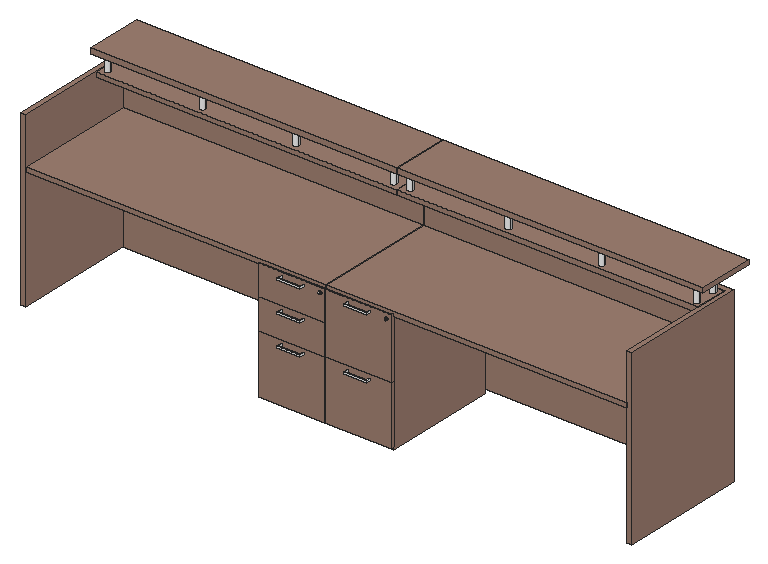
Revit family "T100120", category Furniture, Revit 2022
Family settings
  OmniClass Number = 23.40.20.00
  OmniClass Title = General Furniture and Specialties
  Work Plane-Based = No
  Always vertical = Yes
  Cut with Voids When Loaded = No
  Render Appearance Source = Family Geometry
  Shared = No
  Room Calculation Point = No
Parameters
  Default Elevation = 0' - 0"
Reference planes (in)
  plane 1 "Center Front/Back": y = 0
  plane 2: z = 0
  plane 3 "Center Left/Right": x = 0
Dimensions and locks (in)
  aligned and locked: level to plane 2
Nested families (in)
  nested 1: "OFS ELEMENT DOUBLE DESK 144in" at (0, 17, 0), type "ELEMENT DOUBLE DESK 144in"
    with Desk Overlay Option yes
  nested 2: "OFS ELEMENT DESK PEDESTAL" at (-7.8125, 27, 0), type "ELEMENT DESK PEDESTAL BOX/BOX/FILE RETURN"
  nested 3: "OFS ELEMENT DESK PEDESTAL" at (7.8125, 27, 0), type "ELEMENT DESK PEDESTAL FILE/FILE RETURN"
Definition of nested family "OFS ELEMENT DOUBLE DESK 144in"
  Parameters (values of type "ELEMENT DOUBLE DESK 144in")
    Worksurface Material = none
    Width = 12' - 0"
    URL = "http://www.ofsbrands.com/"
    Transaction Shelf Material = none
    Table Supp from Lateral = 0' - 2 5/8"
    Table Supp from Center = 2' - 1"
    Table Depth = 1' - 1 1/2"
    Model = "EL-T72D"
    Manufacturer = "OFS"
    Lateral Board Thickness = 0' - 1 3/16"
    Height = 3' - 9"
    Standoffs Material = none
    Desk Overlay Thickness = 0' - 0 1/8"
    Desk Overlay Option [instance] = yes
    Desk Overlay Material = none
    Desk Overlay = 0' - 6 1/2"
    Description = "OFS BRANDS OFS ELEMENT DOUBLE DESK 144\" Width, 2 X 72\"W x 34.3125\"D DESK"
    Depth = 2' - 10 5/16"
    Default Elevation = 0' - 0"
    Copyright © = "© 2018 OFS BRANDS"
    Catalog = "http://ofs.com/products/casegoods/reception/element"
    Bottom Board Offset = 0' - 0"
    Chassis Material = none
    Base Depth = 2' - 6"
    Back Board Thickness = 0' - 1 3/16"
    Authoring Version = "Autodesk Revit Architecture 2013"
    Assembly Code = "E2020200"
  Reference planes (in)
    plane 1 "Center Front/Back": y = 0
    plane 2: z = 0
    plane 3 "Center Left/Right": x = 0
    plane 4 "Back External": y = 17.15625
    plane 5 "Right External": x = 72
    plane 6 "Front External": y = -17.15625
    plane 7 "Left External": x = -72
    plane 8 "Seat Height": z = 29.5
    plane 9 "Height": z = 45
    plane 10: x = 70.8125
    plane 11: x = -70.8125
    plane 12: y = 12.84375
    plane 13: y = 11.65625
    plane 14: y = 3.65625
    plane 15: z = 40.5
    plane 16: z = 28.5
    plane 17: z = 43.875
    plane 18: z = 39.375
    plane 19: z = 0
    plane 20: x = -69.375
    plane 21: x = -25
    plane 22: x = 69.375
    plane 23: x = 25
    plane 24: x = 65.5
    plane 25: x = -65.5
    plane 26: z = 6.5
    plane 27: z = 34
    plane 28: y = 12.96875
    plane 29: x = 0.5
    plane 30: x = -0.5
    plane 31: x = -1.9375
    plane 32: x = 1.9375
    plane 33: x = -47
    plane 34: x = 47
  Forms (in)
    Extrusion 1, solid, material <- "Worksurface Material"
      sketch origin (0, 0, 0) x (1, 0, 0) y (0, 1, 0)
        loop
          line (-70.8125, 11.65625) -> (-70.8125, -17.15625) -> (-0.03125, -17.15625) -> (-0.03125, 11.65625) -> (-70.8125, 11.65625)
        loop
          line (70.8125, -17.15625) -> (70.8125, 11.65625) -> (0.03125, 11.65625) -> (0.03125, -17.15625) -> (70.8125, -17.15625)
      from 28.5 to 29.5
    Extrusion 2, solid, material <- "Chassis Material"
      sketch origin (0, 0, 0) x (1, 0, 0) y (0, 1, 0)
        loop
          line (-72, -17.15625) -> (-70.8125, -17.15625) -> (-70.8125, 11.65625) -> (-0.03125, 11.65625) -> (-0.03125, 12.84375) -> (-72, 12.84375) -> (-72, -17.15625)
        loop
          line (72, 12.84375) -> (0.03125, 12.84375) -> (0.03125, 11.65625) -> (70.8125, 11.65625) -> (70.8125, -17.15625) -> (72, -17.15625) -> (72, 12.84375)
      from 0 to 40.5
    Extrusion 3, solid, material <- "Chassis Material"
      sketch origin (0, 0, 6) x (1, 0, 0) y (0, 1, 0)
        loop
          line (-70.8125, 11.65625) -> (-70.8125, 3.65625) -> (-0.03125, 3.65625) -> (-0.03125, 11.65625) -> (-70.8125, 11.65625)
        loop
          line (70.8125, 3.65625) -> (70.8125, 11.65625) -> (0.03125, 11.65625) -> (0.03125, 3.65625) -> (70.8125, 3.65625)
      from 33.375 to 34.5
    Extrusion 4, solid, material <- "Transaction Shelf Material"
      sketch origin (0, 0, 6) x (1, 0, 0) y (0, 1, 0)
        loop
          line (-72, 17.15625) -> (-72, 3.65625) -> (-0.03125, 3.65625) -> (-0.03125, 17.15625) -> (-72, 17.15625)
        loop
          line (72, 3.65625) -> (72, 17.15625) -> (0.03125, 17.15625) -> (0.03125, 3.65625) -> (72, 3.65625)
      from 37.875 to 39
    Extrusion 5, solid, material <- "Standoffs Material"
      sketch origin (0, 0, 0) x (1, 0, 0) y (0, 1, 0)
        loop
          circle (-69.375, 10.04085) r 0.625
      from 40.5 to 43.875
    Extrusion 6, solid, material <- "Standoffs Material"
      sketch origin (0, -4.75, 0) x (1, 0, 0) y (0, 1, 0)
        loop
          circle (-69.375, 10.04085) r 0.625
      from 40.5 to 43.875
    Extrusion 7, solid, material <- "Standoffs Material"
      sketch origin (22.25, 0, 0) x (1, 0, 0) y (0, 1, 0)
        loop
          circle (-47.25, 10.04085) r 0.625
      from 40.5 to 43.875
    Extrusion 8, solid, material <- "Standoffs Material"
      sketch origin (22.25, -4.75, 0) x (1, 0, 0) y (0, 1, 0)
        loop
          circle (-47.25, 10.04085) r 0.625
      from 40.5 to 43.875
    Extrusion 9, solid, material <- "Standoffs Material"
      sketch origin (44.5, 0, 0) x (1, 0, 0) y (0, 1, 0)
        loop
          circle (-19.5, 10.04085) r 0.625
      from 40.5 to 43.875
    Extrusion 10, solid, material <- "Standoffs Material"
      sketch origin (44.5, -4.75, 0) x (1, 0, 0) y (0, 1, 0)
        loop
          circle (-19.5, 10.04085) r 0.625
      from 40.5 to 43.875
    Extrusion 11, solid, material <- "Standoffs Material"
      sketch origin (66.75, 0, 0) x (1, 0, 0) y (0, 1, 0)
        loop
          circle (2.625, 10.04085) r 0.625
      from 40.5 to 43.875
    Extrusion 12, solid, material <- "Standoffs Material"
      sketch origin (66.75, -4.75, 0) x (1, 0, 0) y (0, 1, 0)
        loop
          circle (2.625, 10.04085) r 0.625
      from 40.5 to 43.875
    Extrusion 13, solid, material <- "Desk Overlay Material", visible <- "Desk Overlay Option"
      sketch origin (0, 0, 0) x (1, 0, 0) y (0, 0, 1)
        loop
          line (65.5, 34) -> (-65.5, 34) -> (-65.5, 6.5) -> (65.5, 6.5) -> (65.5, 34)
      from -12.96875 to -12.84375
    Extrusion 14, solid, material <- "Chassis Material"
      sketch origin (0, 0, 0) x (1, 0, 0) y (0, 1, 0)
        loop
          line (-0.5, 11.65625) -> (-0.5, 0) -> (0.5, 0) -> (0.5, 11.65625) -> (-0.5, 11.65625)
      from 0 to 28.5
    Extrusion 15, solid, material <- "Standoffs Material"
      sketch origin (-71.3125, 0, 0) x (-1, 0, 0) y (0, -1, 0)
        loop
          circle (-69.375, -10.04085) r 0.625
      from 40.5 to 43.875
    Extrusion 16, solid, material <- "Standoffs Material"
      sketch origin (-71.3125, -4.75, 0) x (-1, 0, 0) y (0, -1, 0)
        loop
          circle (-69.375, -10.04085) r 0.625
      from 40.5 to 43.875
    Extrusion 17, solid, material <- "Standoffs Material"
      sketch origin (71.3125, 0, 0) x (1, 0, 0) y (0, 1, 0)
        loop
          circle (-69.375, 10.04085) r 0.625
      from 40.5 to 43.875
    Extrusion 18, solid, material <- "Standoffs Material"
      sketch origin (71.3125, -4.75, 0) x (1, 0, 0) y (0, 1, 0)
        loop
          circle (-69.375, 10.04085) r 0.625
      from 40.5 to 43.875
    Extrusion 19, solid, material <- "Standoffs Material"
      sketch origin (-94.25, 0, 0) x (-1, 0, 0) y (0, -1, 0)
        loop
          circle (-47.25, -10.04085) r 0.625
      from 40.5 to 43.875
    Extrusion 20, solid, material <- "Standoffs Material"
      sketch origin (-94.25, -4.75, 0) x (-1, 0, 0) y (0, -1, 0)
        loop
          circle (-47.25, -10.04085) r 0.625
      from 40.5 to 43.875
    Extrusion 21, solid, material <- "Standoffs Material"
      sketch origin (94.25, 0, 0) x (1, 0, 0) y (0, 1, 0)
        loop
          circle (-47.25, 10.04085) r 0.625
      from 40.5 to 43.875
    Extrusion 22, solid, material <- "Standoffs Material"
      sketch origin (94.25, -4.75, 0) x (1, 0, 0) y (0, 1, 0)
        loop
          circle (-47.25, 10.04085) r 0.625
      from 40.5 to 43.875
  Dimensions and locks (in)
    equal spacing: plane 7 "Left External", plane 3 "Center Left/Right", plane 5 "Right External"
    "Width": plane 7 "Left External" to plane 5 "Right External"
    equal spacing: plane 6 "Front External", plane 1 "Center Front/Back", plane 4 "Back External"
    "Depth": plane 4 "Back External" to plane 6 "Front External"
    plane 8 "Seat Height" to level = 2' - 5 1/2"
    "Height": plane 9 "Height" to level
    "Lateral Board Thickness": plane 7 "Left External" to plane 11
    "Lateral Board Thickness": plane 10 to plane 5 "Right External"
    "Base Depth": plane 12 to plane 6 "Front External"
    "Back Board Thickness": plane 12 to plane 13
    "Table Depth": plane 4 "Back External" to plane 14
    plane 15 to level = 3' - 4 1/2"
    "Bottom Board Offset": plane 19 to level
    "Table Supp from Lateral": plane 7 "Left External" to plane 20
    "Table Supp from Center": plane 21 to plane 3 "Center Left/Right"
    "Table Supp from Lateral": plane 5 "Right External" to plane 22
    "Table Supp from Center": plane 23 to plane 3 "Center Left/Right"
    "Desk Overlay": plane 5 "Right External" to plane 24
    "Desk Overlay": plane 25 to plane 7 "Left External"
    plane 25 to plane 24 = 10' - 11"
    "Desk Overlay": plane 27 to plane 15
    "Desk Overlay": plane 19 to plane 26
    "Desk Overlay Thickness": plane 28 to plane 12
    aligned and locked: level to plane 2
    aligned and locked: Extrusion 1 sketch curve to plane 13
    aligned and locked: Extrusion 1 sketch curve to plane 11
    aligned and locked: Extrusion 1 sketch curve to plane 6 "Front External"
    aligned and locked: Extrusion 1 sketch curve to plane 10
    aligned and locked: plane 7 "Left External" to Extrusion 2 sketch curve
    aligned and locked: Extrusion 1 to Extrusion 2 sketch curve  (x2)
    aligned and locked: Extrusion 2 sketch curve to Extrusion 1  (x2)
    aligned and locked: Extrusion 2 sketch curve to plane 12
    aligned and locked: plane 5 "Right External" to Extrusion 2 sketch curve
    aligned and locked: Extrusion 2 sketch curve to plane 13
    aligned and locked: Extrusion 2 to plane 19
    aligned and locked: Extrusion 1 to plane 16
    aligned and locked: Extrusion 1 to plane 8 "Seat Height"
    aligned and locked: Extrusion 3 to plane 18
    aligned and locked: plane 11 to Extrusion 3
    aligned and locked: plane 10 to Extrusion 3
    aligned and locked: plane 13 to Extrusion 3
    aligned and locked: Extrusion 3 to plane 14
    aligned and locked: Extrusion 4 to plane 14
    aligned and locked: plane 4 "Back External" to Extrusion 4
    aligned and locked: Extrusion 4 to plane 9 "Height"
    aligned and locked: Extrusion 4 to plane 17
    aligned and locked: plane 5 "Right External" to Extrusion 4
    aligned and locked: Extrusion 4 to plane 7 "Left External"
    aligned and locked: Extrusion 13 sketch curve to plane 27
    aligned and locked: Extrusion 13 sketch curve to plane 24
    aligned and locked: Extrusion 13 sketch curve to plane 26
    aligned and locked: Extrusion 13 sketch curve to plane 25
    aligned and locked: Extrusion 13 to plane 12
    aligned and locked: Extrusion 13 to plane 28
    aligned and locked: Extrusion 14 sketch curve to plane 13
    aligned and locked: Extrusion 14 sketch curve to plane 30
    aligned and locked: Extrusion 14 sketch curve to plane 1 "Center Front/Back"
    aligned and locked: Extrusion 14 sketch curve to plane 29
  Automatic sketch dimensions
    Extrusion 1 sketch curve to plane 6 "Front External" = 0' - 0"
    Extrusion 1 sketch curve to plane 13 = 0' - 0"
    Extrusion 1 sketch curve to plane 3 "Center Left/Right" = 0' - 0 1/32"
    plane 3 "Center Left/Right" to Extrusion 1 sketch curve = 0' - 0 1/32"
    Extrusion 2 sketch curve to plane 12 = 0' - 0"
    Extrusion 2 sketch curve to plane 13 = 0' - 0"
    Extrusion 2 sketch curve to plane 3 "Center Left/Right" = 0' - 0 1/32"
    plane 3 "Center Left/Right" to Extrusion 2 sketch curve = 0' - 0 1/32"
    Extrusion 3 sketch curve to plane 11 = 0' - 0"
    Extrusion 3 sketch curve to plane 13 = 0' - 0"  (x2)
    Extrusion 3 sketch curve to plane 14 = 0' - 0"  (x2)
    Extrusion 3 sketch curve to plane 10 = 0' - 0"
    Extrusion 3 sketch curve to plane 3 "Center Left/Right" = 0' - 0 1/32"
    plane 3 "Center Left/Right" to Extrusion 3 sketch curve = 0' - 0 1/32"
    Extrusion 4 sketch curve to plane 4 "Back External" = 0' - 0"  (x2)
    Extrusion 4 sketch curve to plane 7 "Left External" = 0' - 0"
    Extrusion 4 sketch curve to plane 14 = 0' - 0"  (x2)
    Extrusion 4 sketch curve to plane 5 "Right External" = 0' - 0"
    Extrusion 4 sketch curve to plane 3 "Center Left/Right" = 0' - 0 1/32"
    plane 3 "Center Left/Right" to Extrusion 4 sketch curve = 0' - 0 1/32"
    Extrusion 5 sketch curve to plane 20 = 0' - 0"
    Extrusion 5 sketch curve to plane 13 = 0' - 1.6154"
    Extrusion 6 sketch curve to plane 20 = 0' - 0"
    plane 14 to Extrusion 6 sketch curve = 0' - 1.6346"
    Extrusion 7 sketch curve to plane 21 = 0' - 0"
    Extrusion 7 sketch curve to plane 13 = 0' - 1.6154"
    Extrusion 8 sketch curve to plane 21 = 0' - 0"
    plane 14 to Extrusion 8 sketch curve = 0' - 1.6346"
    Extrusion 9 sketch curve to plane 23 = 0' - 0"
    Extrusion 9 sketch curve to plane 13 = 0' - 1.6154"
    Extrusion 10 sketch curve to plane 23 = 0' - 0"
    plane 14 to Extrusion 10 sketch curve = 0' - 1.6346"
    Extrusion 11 sketch curve to plane 22 = 0' - 0"
    Extrusion 11 sketch curve to plane 13 = 0' - 1.6154"
    Extrusion 12 sketch curve to plane 22 = 0' - 0"
    plane 14 to Extrusion 12 sketch curve = 0' - 1.6346"
    Extrusion 15 sketch curve to plane 31 = 0' - 0"
    plane 13 to Extrusion 15 sketch curve = 0' - 1.6154"
    Extrusion 16 sketch curve to plane 31 = 0' - 0"
    Extrusion 16 sketch curve to plane 14 = 0' - 1.6346"
    Extrusion 17 sketch curve to plane 32 = 0' - 0"
    Extrusion 17 sketch curve to plane 13 = 0' - 1.6154"
    Extrusion 18 sketch curve to plane 32 = 0' - 0"
    plane 14 to Extrusion 18 sketch curve = 0' - 1.6346"
    Extrusion 19 sketch curve to plane 33 = 0' - 0"
    plane 13 to Extrusion 19 sketch curve = 0' - 1.6154"
    Extrusion 20 sketch curve to plane 33 = 0' - 0"
    Extrusion 20 sketch curve to plane 14 = 0' - 1.6346"
    Extrusion 21 sketch curve to plane 34 = 0' - 0"
    Extrusion 21 sketch curve to plane 13 = 0' - 1.6154"
    Extrusion 22 sketch curve to plane 34 = 0' - 0"
    plane 14 to Extrusion 22 sketch curve = 0' - 1.6346"
    radius of Extrusion 5 sketch curve = 0' - 0 5/8"
    radius of Extrusion 6 sketch curve = 0' - 0 5/8"
    radius of Extrusion 7 sketch curve = 0' - 0 5/8"
    radius of Extrusion 8 sketch curve = 0' - 0 5/8"
    radius of Extrusion 9 sketch curve = 0' - 0 5/8"
    radius of Extrusion 10 sketch curve = 0' - 0 5/8"
    radius of Extrusion 11 sketch curve = 0' - 0 5/8"
    radius of Extrusion 12 sketch curve = 0' - 0 5/8"
    radius of Extrusion 15 sketch curve = 0' - 0 5/8"
    radius of Extrusion 16 sketch curve = 0' - 0 5/8"
    radius of Extrusion 17 sketch curve = 0' - 0 5/8"
    radius of Extrusion 18 sketch curve = 0' - 0 5/8"
    radius of Extrusion 19 sketch curve = 0' - 0 5/8"
    radius of Extrusion 20 sketch curve = 0' - 0 5/8"
    radius of Extrusion 21 sketch curve = 0' - 0 5/8"
    radius of Extrusion 22 sketch curve = 0' - 0 5/8"
Definition of nested family "OFS ELEMENT DESK PEDESTAL"
  Parameters (values of type "ELEMENT DESK PEDESTAL FILE/FILE RETURN")
    Worksurface Material = none
    Width = 1' - 3 5/8"
    URL = "http://ofsbrands.com"
    Top Thickness = 0' - 0"
    Lateral Boads Thickness = 0' - 0 5/8"
    Frontboard Thickness = 0' - 0 3/4"
    Frontboard Space = 0' - 0 1/4"
    Drawer Handles Material = none
    Drawer Handle Width = 0' - 5 7/16"
    Drawer Handle Depth = 0' - 1"
    Drawer 1 Height = 1' - 2 1/2"
    Door Gap = 0' - 0 1/8"
    Depth = 2' - 3 5/8"
    Model = "EL-1628MFFC"
    Manufacturer = "OFS"
    Height = 2' - 4 13/16"
    Description = "OFS BRANDS OFS ELEMENT DESK PEDESTAL FILE/FILE RETURN, Two File Drawers"
    Default Elevation = 0' - 0"
    Copyright © = "© OFS BRANDS 2018"
    Chasis Material = none
    Catalog = "http://ofs.com/products/casegoods/reception/element"
    Bottomboard Thickness = 0' - 0 15/16"
    Bottom Board Offset = 0' - 0 9/16"
    Backboard Thickness = 0' - 0 15/16"
    Authoring Version = "Autodesk Revit Architecture 2013"
    Assembly Code = "E2020200"
    2 = no
    1 = yes
  Types (3): name | Model | Description | 2 | 1
    (no name) | "EL-1628MFFC" | "OFS BRANDS OFS ELEMENT DESK PEDESTAL FILE/FILE RETURN, Two File Drawers" | no | yes
    ELEMENT DESK PEDESTAL BOX/BOX/FILE RETURN | "EL-1628MBFC" | "OFS BRANDS OFS ELEMENT DESK PEDESTAL BOX/BOX/FILE RETURN, Two Box Drawers, One File Drawer" | yes | no
    ELEMENT DESK PEDESTAL FILE/FILE RETURN | "EL-1628MFFC" | "OFS BRANDS OFS ELEMENT DESK PEDESTAL FILE/FILE RETURN, Two File Drawers" | no | yes
  Reference planes (in)
    plane 1 "Center Front/Back": y = 0
    plane 2: z = 0
    plane 3 "Center Left/Right": x = 0
    plane 4 "Left End": x = -7.8125
    plane 5 "Front End": y = -27.625
    plane 6 "Right End": x = 7.8125
    plane 7 "Height Top": z = 28.8125
    plane 8: z = 0.5625
    plane 9: y = -0.9375
    plane 10: y = -27.375
    plane 11: x = 7.1875
    plane 12: x = -7.1875
    plane 13: y = -26.625
    plane 14: z = 1.5
    plane 15: z = 28.8125
    plane 16: x = 0
    plane 17: x = -2.71875
    plane 18: x = 2.71875
    plane 19: y = -28.375
    plane 20: y = -22.31418
    plane 21: x = -2.46875
    plane 22: y = -28.125
    plane 23: x = 2.46875
    plane 24: z = 27.8125
    plane 25: z = 27.3125
    plane 26: z = 14.5
    plane 27: z = 14.375
    plane 28: z = 21.65625
    plane 29: z = 21.53125
    plane 30: z = 20.65625
    plane 31: z = 20.15625
    plane 32: z = 13.5
    plane 33: z = 13
    plane 34: z = 14.96875
    plane 35: z = 14.03125
  Forms (in)
    Extrusion 1, solid, material <- "Chasis Material"
      sketch origin (-3.125, -5.41266, 0) x (1, 0, 0) y (0, 1, 0)
        loop
          line (-4.6875, 5.41266) -> (-4.6875, -21.21234) -> (-4.0625, -21.21234) -> (-4.0625, 5.41266) -> (-4.6875, 5.41266)
      from 0 to 28.8125
    Extrusion 2, solid, material <- "Chasis Material"
      sketch origin (37.875, -5.41266, 0) x (1, 0, 0) y (0, 1, 0)
        loop
          line (-30.6875, 5.41266) -> (-30.6875, -21.21234) -> (-30.0625, -21.21234) -> (-30.0625, 5.41266) -> (-30.6875, 5.41266)
      from 0 to 28.8125
    Extrusion 3, solid, material <- "Chasis Material"
      sketch origin (-5.10739, -10.02382, 0) x (1, 0, 0) y (0, 1, 0)
        loop
          line (-2.70511, -16.60118) -> (-2.70511, -17.35118) -> (12.91989, -17.35118) -> (12.91989, -16.60118) -> (-2.70511, -16.60118)
      from 0.5625 to 14.375
    Extrusion 4, solid, material <- "Chasis Material"
      sketch origin (0, 0, 0) x (1, 0, 0) y (0, 1, 0)
        loop
          line (-7.1875, -0.9375) -> (-7.1875, -26.625) -> (7.1875, -26.625) -> (7.1875, -0.9375) -> (-7.1875, -0.9375)
      from 0.5625 to 1.5
    Extrusion 5, solid, material <- "Drawer Handles Material"
      sketch origin (7.8125, 0, 0) x (1, 0, 0) y (0, 1, 0)
        loop
          line (-10.53125, -27.375) -> (-10.53125, -28.375) -> (-5.09375, -28.375) -> (-5.09375, -27.375) -> (-5.34375, -27.375) -> (-5.34375, -28.125) -> (-10.28125, -28.125) -> (-10.28125, -27.375) -> (-10.53125, -27.375)
      from 27.3125 to 27.8125
    Extrusion 6, solid, material <- "Drawer Handles Material", visible <- "2"
      sketch origin (7.8125, 0, -7.15625) x (1, 0, 0) y (0, 1, 0)
        loop
          line (-10.53125, -27.375) -> (-10.53125, -28.375) -> (-5.09375, -28.375) -> (-5.09375, -27.375) -> (-5.34375, -27.375) -> (-5.34375, -28.125) -> (-10.28125, -28.125) -> (-10.28125, -27.375) -> (-10.53125, -27.375)
      from 27.3125 to 27.8125
    Extrusion 7, solid, material <- "Drawer Handles Material"
      sketch origin (7.8125, 0, -14.3125) x (1, 0, 0) y (0, 1, 0)
        loop
          line (-10.53125, -27.375) -> (-10.53125, -28.375) -> (-5.09375, -28.375) -> (-5.09375, -27.375) -> (-5.34375, -27.375) -> (-5.34375, -28.125) -> (-10.28125, -28.125) -> (-10.28125, -27.375) -> (-10.53125, -27.375)
      from 27.3125 to 27.8125
    Extrusion 8, solid, material <- "Chasis Material", visible <- "1"
      sketch origin (-5.10739, -10.02382, 10.75) x (1, 0, 0) y (0, 1, 0)
        loop
          line (-2.70511, -16.60118) -> (-2.70511, -17.35118) -> (12.91989, -17.35118) -> (12.91989, -16.60118) -> (-2.70511, -16.60118)
      from 3.75 to 18.0625
    Extrusion 9, solid, material <- "Chasis Material", visible <- "2"
      sketch origin (-18.01928, -10.02382, 13.32115) x (-1, 0, 0) y (0, -1, 0)
        loop
          line (-25.83178, 16.60118) -> (-10.20678, 16.60118) -> (-10.20678, 17.35118) -> (-25.83178, 17.35118) -> (-25.83178, 16.60118)
      from 8.3351 to 15.49135
    Extrusion 10, solid, material <- "Chasis Material", visible <- "2"
      sketch origin (-20.85209, -10.02382, 6.64749) x (-1, 0, 0) y (0, -1, 0)
        loop
          line (-28.66459, 16.60118) -> (-13.03959, 16.60118) -> (-13.03959, 17.35118) -> (-28.66459, 17.35118) -> (-28.66459, 16.60118)
      from 7.85251 to 14.88376
    Extrusion 11, solid, material <- "Chasis Material"
      sketch origin (0, 0, 0) x (0, 1, 0) y (0, 0, 1)
        loop
          line (-22.87008, 28.23707) -> (-22.87008, 27.4375) -> (-20.37008, 27.4375) -> (-20.37008, 28.23707) -> (-22.87008, 28.23707)
        loop
          line (-2.53617, 27.4375) -> (-0.03617, 27.4375) -> (-0.03617, 28.23707) -> (-2.53617, 28.23707) -> (-2.53617, 27.4375)
        loop
          line (-0.9375, 23.05758) -> (-0.07543, 23.05758) -> (-0.07543, 25.55758) -> (-0.9375, 25.55758) -> (-0.9375, 23.05758)
        loop
          line (-0.9375, 3.00492) -> (-0.07543, 3.00492) -> (-0.07543, 5.50492) -> (-0.9375, 5.50492) -> (-0.9375, 3.00492)
      from -7.1875 to 7.1875
    Extrusion 12, solid, material <- "Chasis Material"
      sketch origin (0, 0, 0) x (1, 0, 0) y (0, 0, 1)
        loop
          line (-7.1875, 14.96875) -> (-7.1875, 14.03125) -> (7.1875, 14.03125) -> (7.1875, 14.96875) -> (-7.1875, 14.96875)
      from 0.9375 to 26.625
    Blend 13, solid, material <- "Drawer Handles Material"
      base sketch origin (-45.26475, -5.625, 1.53469) x (1, 0, 0) y (0, 0, 1)
        loop
          circle (51.8743, 26.01563) r 0.31101
      top sketch origin (-45.26475, -5.625, 1.53469) x (1, 0, 0) y (0, 0, 1)
        loop
          circle (51.8743, 26.01563) r 0.25
      from 21.75 to 22
  Dimensions and locks (in)
    "Height": plane 7 "Height Top" to level
    "Bottom Board Offset": plane 8 to level
    "Depth": plane 5 "Front End" to plane 1 "Center Front/Back"
    equal spacing: plane 4 "Left End", plane 3 "Center Left/Right", plane 6 "Right End"
    "Width": plane 4 "Left End" to plane 6 "Right End"
    "Backboard Thickness": plane 9 to plane 1 "Center Front/Back"
    "Frontboard Space": plane 10 to plane 5 "Front End"
    "Lateral Boads Thickness": plane 4 "Left End" to plane 12
    "Lateral Boads Thickness": plane 11 to plane 6 "Right End"
    "Frontboard Thickness": plane 13 to plane 10
    "Bottomboard Thickness": plane 14 to plane 8
    "Top Thickness": plane 7 "Height Top" to plane 15
    equal spacing: plane 17, plane 16, plane 18
    "Drawer Handle Width": plane 17 to plane 18
    "Drawer Handle Depth": plane 10 to plane 19
    locked: plane 17 to plane 21 at 0.25
    locked: plane 22 to plane 19 at 0.25
    locked: plane 18 to plane 23 at 0.25
    locked: plane 15 to plane 24 at 1
    locked: plane 24 to plane 25 at 0.5
    "Drawer 1 Height": plane 26 to level
    "Door Gap": plane 26 to plane 27
    equal spacing: plane 15, plane 28, plane 26
    "Door Gap": plane 28 to plane 29
    locked: plane 28 to plane 30 at 1
    locked: plane 30 to plane 31 at 0.5
    locked: plane 26 to plane 32 at 1
    locked: plane 32 to plane 33 at 0.5
    equal spacing: plane 34, plane 26, plane 35
    "Backboard Thickness": plane 34 to plane 35
    aligned and locked: level to plane 2
    aligned and locked: Extrusion 1 to plane 4 "Left End"
    aligned and locked: Extrusion 1 to plane 12
    aligned and locked: Extrusion 1 to plane 1 "Center Front/Back"
    aligned and locked: Extrusion 1 to plane 13
    aligned and locked: Extrusion 2 to plane 1 "Center Front/Back"
    aligned and locked: Extrusion 2 to plane 13
    aligned and locked: plane 11 to Extrusion 2
    aligned and locked: Extrusion 2 to plane 6 "Right End"
    aligned and locked: Extrusion 3 to plane 10
    aligned and locked: plane 13 to Extrusion 3
    aligned and locked: Extrusion 3 to plane 4 "Left End"
    aligned and locked: Extrusion 1 to plane 15
    aligned and locked: Extrusion 2 to plane 15
    aligned and locked: Extrusion 3 to plane 8
    aligned and locked: Extrusion 2 to level
    aligned and locked: Extrusion 1 to level
    aligned and locked: Extrusion 4 sketch curve to plane 9
    aligned and locked: Extrusion 4 sketch curve to plane 12
    aligned and locked: plane 11 to Extrusion 4 sketch curve
    aligned and locked: plane 13 to Extrusion 4 sketch curve
    aligned and locked: Extrusion 4 to plane 8
    aligned and locked: plane 14 to Extrusion 4
    aligned and locked: Extrusion 5 sketch curve to plane 17
    aligned and locked: Extrusion 5 sketch curve to plane 10  (x2)
    aligned and locked: Extrusion 5 sketch curve to plane 22
    aligned and locked: plane 18 to Extrusion 5 sketch curve
    aligned and locked: Extrusion 5 sketch curve to plane 23
    aligned and locked: plane 24 to Extrusion 5
    aligned and locked: Extrusion 5 to plane 25
    aligned and locked: plane 30 to Extrusion 6
    aligned and locked: Extrusion 6 to plane 31
    aligned and locked: plane 32 to Extrusion 7
    aligned and locked: Extrusion 7 to plane 33
    aligned and locked: plane 27 to Extrusion 3
    aligned and locked: Extrusion 8 to plane 4 "Left End"
    aligned and locked: Extrusion 9 to plane 28
    aligned and locked: plane 29 to Extrusion 10
    aligned and locked: Extrusion 10 to plane 26
    aligned and locked: Extrusion 9 to plane 15
    aligned and locked: Extrusion 8 to plane 15
    aligned and locked: Extrusion 8 to plane 26
    aligned and locked: plane 12 to Extrusion 11
    aligned and locked: Extrusion 11 to plane 11
    aligned and locked: plane 11 to Extrusion 12 sketch curve
    aligned and locked: Extrusion 12 sketch curve to plane 12
    aligned and locked: Extrusion 12 sketch curve to plane 34
    aligned and locked: Extrusion 12 sketch curve to plane 35
    aligned and locked: Extrusion 12 to plane 13
    aligned and locked: plane 9 to Extrusion 12
    aligned and locked: Extrusion 9 to plane 6 "Right End"
    aligned and locked: Extrusion 8 to plane 6 "Right End"
    aligned and locked: Extrusion 10 to plane 6 "Right End"
    aligned and locked: Extrusion 3 to plane 6 "Right End"
    aligned and locked: plane 16 to plane 3 "Center Left/Right"
  Automatic sketch dimensions
    Extrusion 1 sketch curve to plane 4 "Left End" = 0' - 0"
    Extrusion 1 sketch curve to plane 12 = 0' - 0"
    Extrusion 1 sketch curve to plane 13 = 0' - 0"
    plane 1 "Center Front/Back" to Extrusion 1 sketch curve = 0' - 0"
    Extrusion 2 sketch curve to plane 11 = 0' - 0"
    Extrusion 2 sketch curve to plane 6 "Right End" = 0' - 0"
    Extrusion 2 sketch curve to plane 13 = 0' - 0"
    plane 1 "Center Front/Back" to Extrusion 2 sketch curve = 0' - 0"
    Extrusion 3 sketch curve to plane 4 "Left End" = 0' - 0"
    Extrusion 3 sketch curve to plane 10 = 0' - 0"
    Extrusion 3 sketch curve to plane 13 = 0' - 0"
    Extrusion 5 sketch curve to plane 21 = 0' - 0"
    Extrusion 5 sketch curve to plane 19 = 0' - 0"
    Extrusion 6 sketch curve to plane 10 = 0' - 0"  (x2)
    Extrusion 6 sketch curve to plane 17 = 0' - 0"
    Extrusion 6 sketch curve to plane 21 = 0' - 0"
    Extrusion 6 sketch curve to plane 23 = 0' - 0"
    Extrusion 6 sketch curve to plane 18 = 0' - 0"
    Extrusion 6 sketch curve to plane 19 = 0' - 0"
    plane 22 to Extrusion 6 sketch curve = 0' - 0"
    Extrusion 7 sketch curve to plane 10 = 0' - 0"  (x2)
    Extrusion 7 sketch curve to plane 17 = 0' - 0"
    Extrusion 7 sketch curve to plane 21 = 0' - 0"
    Extrusion 7 sketch curve to plane 23 = 0' - 0"
    Extrusion 7 sketch curve to plane 18 = 0' - 0"
    Extrusion 7 sketch curve to plane 19 = 0' - 0"
    plane 22 to Extrusion 7 sketch curve = 0' - 0"
    Extrusion 8 sketch curve to plane 4 "Left End" = 0' - 0"
    Extrusion 8 sketch curve to plane 10 = 0' - 0"
    Extrusion 8 sketch curve to plane 13 = 0' - 0"
    Extrusion 9 sketch curve to plane 10 = 0' - 0"
    Extrusion 9 sketch curve to plane 4 "Left End" = 0' - 0"
    Extrusion 9 sketch curve to plane 13 = 0' - 0"
    Extrusion 10 sketch curve to plane 10 = 0' - 0"
    Extrusion 10 sketch curve to plane 4 "Left End" = 0' - 0"
    Extrusion 10 sketch curve to plane 13 = 0' - 0"
    Extrusion 11 sketch curve to plane 9 = 0' - 0"  (x2)
    plane 1 "Center Front/Back" to Extrusion 11 sketch curve = 0' - 0.07543"  (x2)
    plane 14 to Extrusion 11 sketch curve = 0' - 1.50492"
    plane 25 to Extrusion 11 sketch curve = 0' - 0 1/8"  (x2)
    Extrusion 11 sketch curve to plane 9 = 0' - 1.59867"
    plane 13 to Extrusion 11 sketch curve = 0' - 6.25492"
    plane 24 to Extrusion 11 sketch curve = 0' - 0.42457"  (x2)
    Extrusion 11 sketch curve to Extrusion 11 sketch curve = 0' - 2 1/2"  (x2)
    plane 1 "Center Front/Back" to Extrusion 11 sketch curve = 0' - 0.03617"
    plane 28 to Extrusion 11 sketch curve = 0' - 1.40133"
    Extrusion 11 sketch curve to plane 25 = 0' - 1.75492"
    plane 3 "Center Left/Right" to Extrusion 3 sketch curve = 0' - 7 13/16"
    plane 3 "Center Left/Right" to Extrusion 8 sketch curve = 0' - 7 13/16"
    plane 3 "Center Left/Right" to Extrusion 9 sketch curve = 0' - 7 13/16"
    plane 3 "Center Left/Right" to Extrusion 10 sketch curve = 0' - 7 13/16"
    plane 25 to Blend 13 sketch curve = 0' - 0.23781"  (x2)
    plane 11 to Blend 13 sketch curve = 0' - 0.57795"  (x2)
    radius of Blend 13 sketch curve = 0' - 0.31101"
    radius of Blend 13 sketch curve = 0' - 0 1/4"
